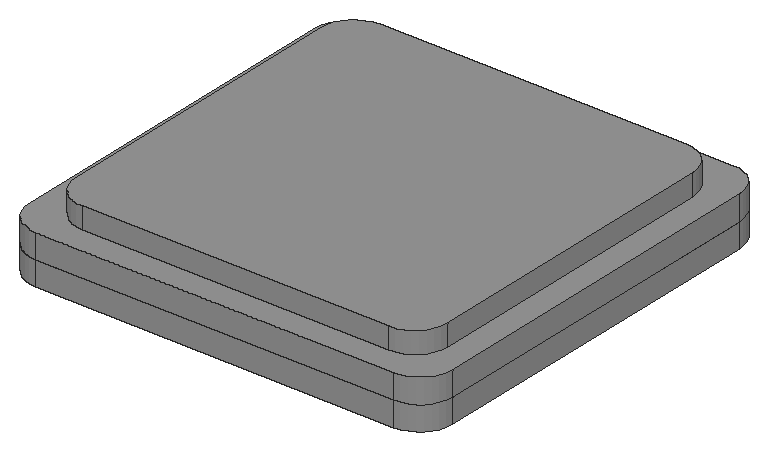
Revit family "FMS2_63_UN_Surface-mounted_ETK", category Lighting Fixtures, Revit 2019 (continued)
Definition of nested family "FMS.2 - Lightsource"
  Types (14, lengths in mm): name | Wattage Comments | Wattage | built-in parameter 1150134 | Photometric Web File | built-in parameter 1150142 | built-in parameter 1150105 | Lumens | built-in parameter 1150107 | built-in parameter 1150106 | Apparent Load
    FMS.1403.10 - Ø400 / 38W / 2800lm / 3000K | "38W" | 18.8499 W | (empty or 0) | "FMS.1403.10.ies" | "IESNA:LM-63-2002\r\n[TEST] /2015\r\n[TESTLAB] ies2eulumdat.appspot.com\r\n[ISSUEDATE] 2021-10-05T13:47:24.579\r\n[MANUFAC] www.etk.nl\r\n[LUMCAT] FMS.1403.10\r\n[LUMINAIRE] FMS.1 LED 38W 3000K 2800lm DALI ø400 Ledeshi Slice circle IV DALI\r\n[LAMPCAT] LED\r\n[LAMP] LED\r\nTILT=NONE\r\n1\t2862\t1\t181\t72\t1\t2\t-0.400\t-0.400\t0\r\n1.0\t1.0\t36.10\r\n0\t 0.5\t 1\t 1.5\t 2\t 2.5\t 3\t 3.5\t 4\t 4.5\r\n5\t 5.5\t 6\t 6.5\t 7\t 7.5\t 8\t 8.5\t 9\t 9.5\r\n10\t 10.5\t 11\t 11.5\t 12\t 12.5\t 13\t 13.5\t 14\t 14.5\r\n15\t 15.5\t 16\t 16.5\t 17\t 17.5\t 18\t 18.5\t 19\t 19.5\r\n20\t 20.5\t 21\t 21.5\t 22\t 22.5\t 23\t 23.5\t 24\t 24.5\r\n25\t 25.5\t 26\t 26.5\t 27\t 27.5\t 28\t 28.5\t 29\t 29.5\r\n30\t 30.5\t 31\t 31.5\t 32\t 32.5\t 33\t 33.5\t 34\t 34.5\r\n35\t 35.5\t 36\t 36.5\t 37\t 37.5\t 38\t 38.5\t 39\t 39.5\r\n40\t 40.5\t 41\t 41.5\t 42\t 42.5\t 43\t 43.5\t 44\t 44.5\r\n45\t 45.5\t 46\t 46.5\t 47\t 47.5\t 48\t 48.5\t 49\t 49.5\r\n50\t 50.5\t 51\t 51.5\t 52\t 52.5\t 53\t 53.5\t 54\t 54.5\r\n55\t 55.5\t 56\t 56.5\t 57\t 57.5\t 58\t 58.5\t 59\t 59.5\r\n60\t 60.5\t 61\t 61.5\t 62\t 62.5\t 63\t 63.5\t 64\t 64.5\r\n65\t 65.5\t 66\t 66.5\t 67\t 67.5\t 68\t 68.5\t 69\t 69.5\r\n70\t 70.5\t 71\t 71.5\t 72\t 72.5\t 73\t 73.5\t 74\t 74.5\r\n75\t 75.5\t 76\t 76.5\t 77\t 77.5\t 78\t 78.5\t 79\t 79.5\r\n80\t 80.5\t 81\t 81.5\t 82\t 82.5\t 83\t 83.5\t 84\t 84.5\r\n85\t 85.5\t 86\t 86.5\t 87\t 87.5\t 88\t 88.5\t 89\t 89.5\r\n90\r\n0\t 5\t 10\t 15\t 20\t 25\t 30\t 35\t 40\t 45\r\n50\t 55\t 60\t 65\t 70\t 75\t 80\t 85\t 90\t 95\r\n100\t 105\t 110\t 115\t 120\t 125\t 130\t 135\t 140\t 145\r\n150\t 155\t 160\t 165\t 170\t 175\t 180\t 185\t 190\t 195\r\n200\t 205\t 210\t 215\t 220\t 225\t 230\t 235\t 240\t 245\r\n250\t 255\t 260\t 265\t 270\t 275\t 280\t 285\t 290\t 295\r\n300\t 305\t 310\t 315\t 320\t 325\t 330\t 335\t 340\t 345\r\n350\t 355\r\n985.6728\t985.6728\t985.3866\t985.1004\t984.528\t984.528\t984.2418\t983.9556\t983.6694\t982.5246\r\n981.3798\t981.0936\t980.5212\t979.3764\t978.2316\t976.8006\t975.3696\t973.9386\t972.7938\t971.0766\r\n969.3594\t967.9284\t966.2112\t963.9216\t961.632\t959.6286\t957.6252\t955.6218\t953.6184\t951.0426\r\n948.4668\t945.6048\t942.7428\t940.167\t937.5912\t934.1568\t930.4362\t927.5742\t924.426\t921.564\r\n918.4158\t914.9814\t911.2608\t907.5402\t903.8196\t900.3852\t896.6646\t892.6578\t888.3648\t884.0718\r\n879.4926\t875.4858\t871.1928\t866.8998\t862.3206\t857.7414\t853.1622\t848.2968\t843.1452\t838.566\r\n833.7006\t828.549\t823.3974\t818.532\t813.6666\t808.8012\t803.6496\t798.2118\t792.774\t787.05\r\n781.326\t775.602\t770.1642\t763.8678\t757.8576\t752.706\t747.2682\t741.258\t734.9616\t728.6652\r\n722.3688\t716.3586\t710.6346\t704.3382\t698.0418\t691.4592\t685.1628\t678.5802\t671.9976\t665.415\r\n658.8324\t652.2498\t645.381\t638.7984\t632.2158\t625.0608\t617.9058\t611.037\t604.1682\t597.2994\r\n590.1444\t583.2756\t576.1206\t568.9656\t561.5244\t554.3694\t547.2144\t539.7732\t532.0458\t525.177\r\n518.022\t510.2946\t502.281\t494.8398\t487.3986\t479.6712\t472.23\t464.5026\t456.489\t448.7616\r\n441.3204\t433.3068\t425.5794\t417.852\t410.1246\t402.3972\t394.3836\t386.37\t378.0702\t370.0566\r\n362.3292\t354.3156\t346.5882\t338.5746\t330.561\t322.5474\t314.5338\t306.5202\t298.5066\t290.493\r\n282.5653\t274.6375\t266.7384\t258.8965\t251.0546\t243.2414\t235.4567\t227.758\t220.0592\t212.3032\r\n204.5185\t197.0487\t189.6075\t182.3094\t175.0399\t167.7704\t160.501\t153.4891\t146.4772\t139.6656\r\n132.854\t126.2428\t119.6602\t113.278\t106.9243\t100.7424\t94.5605\t88.6934\t82.8549\t77.1023\r\n71.3783\t66.0836\t60.8175\t55.7518\t50.6574\t46.4789\t42.2717\t39.4384\t36.605\t35.8609\r\n35.1167\r\n985.6728\t985.3866\t985.3866\t984.8142\t984.528\t984.2418\t983.9556\t983.3832\t983.097\t981.9522\r\n980.8074\t980.235\t979.6626\t978.5178\t977.373\t975.6558\t974.2248\t973.08\t971.649\t969.9318\r\n968.2146\t966.4974\t965.0664\t962.7768\t960.4872\t958.1976\t956.1942\t953.9046\t951.9012\t949.3254\r\n946.7496\t943.8876\t941.0256\t938.4498\t935.874\t932.4396\t929.0052\t925.857\t922.7088\t919.5606\r\n916.4124\t912.978\t909.2574\t905.5368\t901.8162\t898.0956\t894.6612\t890.3682\t886.3614\t881.7822\r\n877.203\t873.1962\t868.9032\t864.6102\t860.031\t855.4518\t850.8726\t846.0072\t841.1418\t836.5626\r\n831.6972\t826.5456\t821.1078\t816.2424\t811.377\t806.2254\t801.0738\t795.9222\t790.4844\t785.0466\r\n779.3226\t773.8848\t768.1608\t762.1506\t756.1404\t750.4164\t745.2648\t739.2546\t732.9582\t726.948\r\n720.6516\t714.6414\t708.6312\t702.621\t696.3246\t690.0282\t683.4456\t677.1492\t670.5666\t663.984\r\n657.6876\t650.8188\t643.95\t637.3674\t630.7848\t623.916\t617.0472\t610.1784\t603.3096\t596.4408\r\n589.2858\t582.417\t575.5482\t568.3932\t560.952\t553.797\t546.642\t539.487\t532.0458\t524.8908\r\n517.4496\t510.0084\t502.5672\t495.126\t487.6848\t479.9574\t472.23\t464.5026\t457.3476\t449.9064\r\n442.179\t434.4516\t426.7242\t418.9968\t411.2694\t403.542\t395.8146\t388.0872\t379.7874\t371.7738\r\n363.474\t355.4604\t347.4468\t339.147\t331.1334\t323.1198\t314.82\t306.5202\t298.5066\t290.7792\r\n282.6225\t274.5517\t266.6239\t258.7534\t250.9115\t243.1269\t235.3423\t227.5862\t219.9161\t212.2745\r\n204.7189\t197.2777\t189.8937\t182.6528\t175.2116\t167.8849\t160.6441\t153.5463\t146.5344\t139.8373\r\n133.2547\t126.8438\t120.5761\t114.251\t107.0674\t99.7407\t92.3567\t84.6007\t76.4154\t67.9153\r\n59.7013\t52.0312\t45.1337\t39.5242\t34.7733\t31.5392\t28.8203\t26.2045\t23.7489\t3.3256\r\n0\r\n985.6728\t985.3866\t985.1004\t984.8142\t984.2418\t983.9556\t983.3832\t983.097\t982.5246\t981.666\r\n980.235\t979.6626\t979.0902\t977.9454\t976.5144\t975.0834\t973.3662\t972.2214\t970.7904\t969.0732\r\n967.356\t965.6388\t963.9216\t961.9182\t959.6286\t957.339\t955.3356\t953.046\t950.7564\t948.1806\r\n945.6048\t943.029\t940.167\t937.305\t934.7292\t931.581\t928.1466\t924.9984\t921.8502\t918.4158\r\n915.2676\t912.1194\t908.3988\t904.9644\t900.9576\t897.237\t893.5164\t889.7958\t885.789\t881.496\r\n876.9168\t872.3376\t868.3308\t864.324\t859.7448\t855.1656\t850.5864\t846.0072\t841.428\t836.8488\r\n831.9834\t827.118\t821.9664\t816.5286\t811.6632\t806.7978\t801.6462\t796.4946\t791.0568\t785.619\r\n780.4674\t775.3158\t769.5918\t763.8678\t758.1438\t752.4198\t746.6958\t741.258\t735.534\t729.2376\r\n723.2274\t717.2172\t711.4932\t705.483\t699.4728\t693.4626\t687.1662\t680.5836\t674.2872\t667.9908\r\n661.6944\t655.398\t648.5292\t641.3742\t633.933\t627.0642\t620.4816\t613.0404\t605.8854\t598.7304\r\n591.5754\t584.4204\t577.2654\t570.1104\t562.9554\t555.228\t547.5006\t540.0594\t532.9044\t525.4632\r\n517.7358\t510.0084\t502.5672\t495.126\t487.6848\t479.9574\t472.23\t464.5026\t456.7752\t449.0478\r\n441.6066\t434.1654\t426.1518\t418.4244\t410.697\t402.9696\t395.2422\t387.2286\t379.5012\t371.7738\r\n363.474\t355.4604\t347.1606\t339.147\t330.8472\t322.8336\t315.1062\t307.0926\t299.079\t291.3516\r\n283.338\t275.5247\t267.7401\t260.0127\t252.4284\t244.93\t237.4888\t229.7614\t221.7764\t213.82\r\n206.0068\t198.3938\t190.8954\t183.4542\t176.0989\t168.858\t161.8461\t154.777\t147.7364\t140.8963\r\n134.1419\t127.4162\t120.7192\t114.0793\t106.495\t98.3956\t90.4392\t82.6832\t75.1561\t68.1156\r\n61.7333\t55.6087\t49.7988\t44.4469\t40.1825\t36.0612\t32.083\t21.5108\t4.4332\t0\r\n0\r\n985.6728\t985.3866\t985.1004\t984.528\t983.9556\t983.6694\t983.097\t982.8108\t982.2384\t981.0936\r\n979.9488\t979.0902\t978.2316\t977.373\t975.942\t974.511\t972.7938\t971.3628\t970.218\t968.5008\r\n966.7836\t965.0664\t963.3492\t961.3458\t959.0562\t957.0528\t954.7632\t952.4736\t950.184\t947.8944\r\n945.3186\t942.7428\t939.8808\t937.0188\t934.1568\t931.581\t928.4328\t924.9984\t921.8502\t918.702\r\n915.2676\t912.1194\t908.9712\t905.2506\t901.8162\t897.8094\t894.0888\t890.3682\t886.6476\t882.6408\r\n878.3478\t873.7686\t869.4756\t865.4688\t861.7482\t857.169\t852.5898\t848.0106\t843.4314\t839.1384\r\n834.5592\t829.98\t825.1146\t819.963\t814.8114\t809.946\t805.0806\t800.2152\t795.0636\t789.3396\r\n783.6156\t777.8916\t772.4538\t767.016\t760.7196\t754.4232\t748.413\t742.4028\t736.3926\t730.3824\r\n723.7998\t717.2172\t710.9208\t704.6244\t698.328\t692.3178\t686.0214\t679.1526\t672.57\t665.7012\r\n659.1186\t652.536\t645.9534\t639.3708\t632.7882\t625.6332\t618.4782\t611.8956\t605.0268\t598.158\r\n591.2892\t584.1342\t576.9792\t569.8242\t562.9554\t556.0866\t548.9316\t541.4904\t534.3354\t526.8942\r\n519.453\t512.0118\t504.2844\t496.2708\t488.5434\t480.816\t473.0886\t465.6474\t458.2062\t450.1926\r\n442.179\t434.4516\t426.7242\t418.9968\t411.2694\t403.542\t395.8146\t388.3734\t380.646\t372.9186\r\n365.1912\t357.4638\t349.4502\t341.4366\t333.1368\t325.1232\t316.8234\t308.5236\t300.51\t292.4964\r\n284.4828\t276.5837\t268.7704\t261.0144\t253.3156\t245.7027\t237.9753\t229.9903\t222.2057\t214.5928\r\n207.0371\t199.5673\t192.1833\t184.9138\t177.7302\t170.6897\t163.5633\t156.4942\t149.5395\t142.7279\r\n136.0309\t129.391\t122.8657\t116.4262\t109.586\t102.7458\t95.9342\t89.1799\t82.4542\t75.7858\r\n69.6897\t63.8512\t58.1558\t52.5463\t47.0513\t39.1808\t22.8817\t6.5998\t0\t0\r\n0\r\n985.6728\t985.3866\t984.8142\t984.2418\t983.6694\t983.3832\t982.8108\t982.2384\t981.666\t980.8074\r\n979.6626\t978.5178\t977.6592\t976.8006\t975.6558\t974.2248\t972.5076\t970.7904\t969.6456\t968.2146\r\n966.4974\t964.7802\t962.7768\t961.0596\t959.0562\t956.7666\t954.7632\t952.4736\t950.184\t947.6082\r\n945.3186\t942.7428\t940.167\t937.5912\t934.7292\t931.8672\t929.0052\t926.1432\t922.995\t919.8468\r\n916.4124\t913.2642\t910.116\t906.9678\t903.5334\t899.8128\t896.0922\t892.3716\t888.9372\t885.2166\r\n881.2098\t876.9168\t872.6238\t868.3308\t864.324\t860.3172\t855.4518\t850.5864\t845.4348\t840.2832\r\n835.4178\t830.2662\t825.4008\t819.963\t814.5252\t809.0874\t803.6496\t798.2118\t792.774\t787.3362\r\n781.6122\t775.8882\t770.1642\t764.4402\t758.7162\t752.9922\t747.2682\t741.258\t735.2478\t729.2376\r\n723.2274\t717.2172\t711.207\t704.9106\t698.328\t692.3178\t686.0214\t680.0112\t674.2872\t667.9908\r\n661.4082\t654.8256\t648.243\t641.6604\t635.0778\t628.209\t621.054\t613.899\t606.744\t599.3028\r\n592.1478\t584.9928\t578.124\t570.969\t563.5278\t556.0866\t548.6454\t541.2042\t534.0492\t526.608\r\n519.453\t512.298\t505.143\t497.7018\t490.2606\t482.8194\t475.6644\t468.2232\t461.0682\t453.627\r\n445.3272\t437.0274\t429.0138\t421.0002\t413.2728\t404.973\t396.6732\t388.6596\t380.9322\t372.9186\r\n364.905\t357.1776\t349.164\t341.4366\t333.7092\t325.9818\t317.9682\t309.9546\t301.941\t293.9274\r\n285.9997\t277.9861\t270.0583\t262.2451\t254.5463\t246.8761\t239.2918\t231.8506\t224.4953\t216.7965\r\n209.0977\t201.4848\t193.9577\t186.5738\t179.3329\t172.2352\t165.1946\t158.2686\t151.4284\t144.7313\r\n138.0915\t131.5375\t125.0408\t118.6299\t112.3049\t106.0657\t99.9124\t93.9022\t87.9206\t81.9391\r\n76.0147\t70.119\t64.2519\t58.4134\t42.7869\t26.1301\t9.5047\t0\t0\t0\r\n0\r\n985.6728\t985.3866\t984.8142\t984.2418\t983.6694\t983.097\t982.5246\t981.9522\t981.3798\t980.8074\r\n979.3764\t978.2316\t977.373\t976.5144\t975.0834\t973.9386\t972.5076\t970.7904\t969.0732\t967.9284\r\n966.4974\t964.7802\t962.7768\t961.0596\t959.3424\t957.339\t955.0494\t952.7598\t950.7564\t948.4668\r\n945.891\t943.3152\t941.0256\t938.4498\t935.874\t933.012\t930.4362\t927.5742\t924.7122\t921.8502\r\n918.9882\t915.5538\t912.1194\t909.2574\t906.1092\t902.6748\t898.9542\t894.6612\t890.082\t885.789\r\n881.2098\t876.9168\t872.3376\t867.4722\t862.6068\t857.7414\t852.876\t848.2968\t844.0038\t838.8522\r\n833.7006\t828.8352\t823.9698\t818.8182\t813.6666\t808.515\t803.3634\t797.9256\t792.4878\t787.3362\r\n781.8984\t776.4606\t771.0228\t765.585\t760.1472\t754.4232\t748.9854\t743.2614\t737.2512\t731.5272\r\n726.0894\t720.3654\t714.069\t707.7726\t701.19\t694.6074\t687.7386\t680.8698\t674.001\t667.4184\r\n660.8358\t654.2532\t647.6706\t641.088\t634.2192\t627.3504\t620.4816\t613.6128\t606.744\t599.8752\r\n593.0064\t586.1376\t579.2688\t572.4\t565.5312\t558.6624\t552.0798\t545.4972\t538.3422\t530.3286\r\n522.315\t514.5876\t506.574\t498.8466\t490.833\t483.1056\t475.3782\t467.937\t460.2096\t452.4822\r\n444.4686\t436.7412\t429.3\t421.5726\t414.1314\t406.404\t398.6766\t390.9492\t382.9356\t374.922\r\n366.9084\t358.6086\t350.595\t342.5814\t334.854\t326.8404\t319.113\t311.0994\t303.372\t295.6446\r\n287.9172\t280.4474\t272.4338\t264.4774\t256.5783\t248.7364\t240.9518\t233.253\t225.6401\t218.0844\r\n210.586\t203.1734\t195.8467\t188.6344\t181.5653\t174.5248\t167.5701\t160.6727\t153.8611\t147.1354\r\n140.467\t133.8557\t127.3304\t121.0626\t115.0238\t109.0422\t103.0892\t97.1935\t91.3264\t85.5166\r\n79.7353\t73.9827\t62.5633\t45.9637\t29.3355\t12.7245\t0\t0\t0\t0\r\n0\r\n985.6728\t985.1004\t984.8142\t984.2418\t983.3832\t982.8108\t982.2384\t981.666\t981.0936\t980.5212\r\n979.3764\t977.9454\t977.0868\t975.942\t975.0834\t973.6524\t972.5076\t970.7904\t969.0732\t967.6422\r\n966.2112\t965.0664\t963.063\t961.3458\t959.6286\t957.6252\t955.908\t953.6184\t951.615\t949.3254\r\n947.0358\t944.7462\t942.1704\t939.8808\t937.305\t935.0154\t932.4396\t929.8638\t927.0018\t924.1398\r\n920.4192\t916.6986\t912.978\t908.9712\t904.6782\t900.6714\t896.9508\t892.6578\t888.3648\t884.358\r\n879.7788\t875.4858\t871.1928\t866.8998\t862.3206\t857.4552\t852.5898\t847.7244\t843.1452\t838.566\r\n833.9868\t829.4076\t824.5422\t819.6768\t814.8114\t809.946\t805.0806\t799.929\t794.7774\t789.6258\r\n784.4742\t779.3226\t774.171\t768.447\t762.1506\t756.1404\t749.844\t743.8338\t737.8236\t731.5272\r\n725.517\t719.2206\t712.638\t706.0554\t700.0452\t693.7488\t687.4524\t681.156\t674.8596\t668.5632\r\n662.2668\t655.6842\t649.1016\t642.519\t636.2226\t629.9262\t623.6298\t617.0472\t610.1784\t603.0234\r\n595.8684\t588.7134\t580.986\t573.5448\t566.1036\t558.6624\t550.935\t543.4938\t536.0526\t528.8976\r\n521.4564\t514.0152\t506.574\t499.1328\t491.9778\t484.5366\t477.0954\t469.9404\t462.4992\t454.7718\r\n446.7582\t438.7446\t430.731\t422.7174\t414.99\t406.9764\t399.249\t391.5216\t383.508\t375.7806\r\n368.0532\t360.3258\t352.5984\t345.1572\t337.716\t329.9886\t321.6888\t313.389\t305.3754\t297.3618\r\n289.3482\t281.4491\t273.55\t265.7653\t258.0093\t250.3391\t242.7262\t235.1419\t227.6149\t220.1737\r\n212.7897\t205.463\t198.1935\t190.9813\t183.8263\t176.7285\t169.688\t162.6761\t155.7214\t148.824\r\n142.2414\t135.8878\t129.5914\t123.3236\t117.113\t110.9311\t104.7778\t98.6818\t92.5857\t86.5469\r\n79.7639\t63.7654\t47.7954\t31.8254\t15.8383\t0\t0\t0\t0\t0\r\n0\r\n985.6728\t985.1004\t984.528\t983.9556\t983.3832\t982.5246\t981.9522\t981.3798\t980.8074\t979.9488\r\n979.3764\t977.9454\t976.8006\t975.6558\t974.7972\t973.6524\t972.2214\t971.0766\t969.3594\t967.6422\r\n966.2112\t965.0664\t963.6354\t961.9182\t960.201\t958.1976\t956.4804\t954.7632\t952.7598\t950.7564\r\n948.753\t946.4634\t944.1738\t941.8842\t939.3084\t936.1602\t932.7258\t929.5776\t925.857\t922.4226\r\n918.702\t914.9814\t911.2608\t907.5402\t903.8196\t899.8128\t895.806\t891.7992\t887.7924\t883.7856\r\n879.7788\t875.4858\t871.1928\t866.8998\t862.6068\t858.3138\t854.0208\t849.7278\t844.8624\t840.2832\r\n835.4178\t830.8386\t826.2594\t821.9664\t817.6734\t812.808\t807.084\t801.36\t795.636\t790.1982\r\n784.4742\t778.464\t772.74\t767.016\t761.0058\t754.9956\t748.9854\t743.2614\t737.5374\t731.5272\r\n725.517\t719.5068\t713.4966\t707.4864\t701.7624\t695.7522\t690.0282\t683.7318\t677.7216\t671.4252\r\n665.415\t658.5462\t651.6774\t644.5224\t637.6536\t630.4986\t623.3436\t616.1886\t609.0336\t601.8786\r\n594.7236\t587.5686\t580.6998\t573.5448\t566.3898\t559.2348\t552.0798\t544.9248\t537.7698\t530.6148\r\n523.4598\t516.3048\t508.8636\t501.1362\t493.4088\t485.6814\t477.954\t470.2266\t462.4992\t454.7718\r\n447.0444\t439.317\t431.5896\t424.1484\t416.421\t408.9798\t401.5386\t394.0974\t386.37\t378.6426\r\n370.629\t362.6154\t354.3156\t346.302\t338.2884\t330.2748\t322.2612\t314.5338\t306.8064\t298.7928\r\n291.0654\t283.3952\t275.6678\t267.9977\t260.2989\t252.6574\t245.0444\t237.4601\t229.9617\t222.4919\r\n215.0507\t207.6953\t200.34\t193.0705\t185.8297\t178.6174\t171.4338\t164.565\t157.9538\t151.3712\r\n144.8458\t138.3491\t131.8523\t125.4128\t119.002\t112.5911\t106.2088\t99.8552\t93.5302\t82.0822\r\n66.4556\t50.8291\t35.2026\t19.5961\t3.9753\t0\t0\t0\t0\t0\r\n0\r\n985.6728\t985.1004\t984.528\t983.9556\t983.097\t982.5246\t981.9522\t981.0936\t980.5212\t979.6626\r\n979.0902\t977.9454\t976.8006\t975.6558\t974.511\t973.3662\t972.2214\t971.0766\t969.9318\t968.2146\r\n966.7836\t965.0664\t963.6354\t962.4906\t961.0596\t959.3424\t957.6252\t955.908\t954.1908\t952.4736\r\n950.4702\t948.1806\t945.0324\t941.8842\t938.4498\t935.0154\t931.581\t927.8604\t924.7122\t921.2778\r\n917.8434\t914.1228\t910.4022\t906.6816\t903.2472\t899.8128\t895.806\t892.0854\t888.3648\t884.358\r\n880.3512\t876.3444\t872.3376\t868.617\t864.324\t860.031\t855.738\t851.7312\t847.4382\t843.1452\r\n838.2798\t833.1282\t827.4042\t821.6802\t815.9562\t810.5184\t805.3668\t799.929\t794.7774\t789.3396\r\n784.188\t778.464\t772.4538\t767.016\t761.292\t755.8542\t750.4164\t744.6924\t739.2546\t733.5306\r\n727.8066\t721.7964\t716.0724\t710.3484\t704.6244\t697.7556\t691.173\t684.3042\t677.7216\t670.8528\r\n663.984\t657.1152\t650.5326\t643.95\t637.0812\t630.2124\t623.0574\t616.1886\t609.606\t602.7372\r\n596.1546\t589.2858\t582.417\t575.262\t568.3932\t561.5244\t554.0832\t546.642\t538.9146\t531.4734\r\n524.0322\t516.591\t508.8636\t501.4224\t493.9812\t486.54\t478.8126\t471.3714\t463.9302\t456.489\r\n449.0478\t441.6066\t434.1654\t427.0104\t419.283\t410.9832\t402.9696\t395.2422\t387.2286\t379.215\r\n371.2014\t363.1878\t355.4604\t347.4468\t339.7194\t331.7058\t323.9784\t316.251\t308.5236\t300.7962\r\n293.0688\t285.3128\t277.5854\t269.9152\t262.2451\t254.6321\t247.0478\t239.4635\t231.9079\t224.3808\r\n216.911\t209.4698\t202.0286\t194.6446\t187.461\t180.6208\t173.8093\t167.0263\t160.272\t153.5463\r\n146.8492\t140.1521\t133.5123\t126.8725\t120.2612\t113.6786\t107.096\t100.5421\t85.7169\t70.2907\r\n54.8932\t39.4956\t24.078\t8.669\t0\t0\t0\t0\t0\t0\r\n0\r\n985.6728\t985.1004\t984.528\t983.9556\t983.097\t982.5246\t981.666\t981
